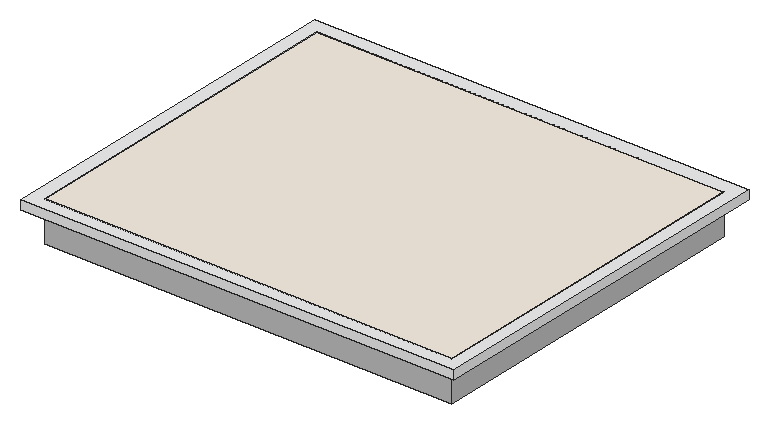
Revit family "Lighting-Industriale-GEWISS-ELIA-HL-LED_RIFLETTORE", category Apparecchi per illuminazione, host Superficie, Revit 2019 (continued)
Types (12, lengths in mm): name | Tensione | Scheda Tecnica | Potenza di sistema | Peso (kg): | Peso (kg) | Ottica | built-in parameter 1150142 | Lumen output (lm) | Modello | IDT | File diagramma fotometrico | Description
     7530.64 \r\n7322.77 7109.83 6898.58 6698.31 6504.81 6320.60 6143.15 \r\n5968.23 5795.85 5622.63 5451.09 5282.94 5119.01 4960.99 \r\n4808.89 4659.33 4513.99 4372.03 4232.60 4094.87 3959.67 \r\n3827.85 3699.41 3574.35 3452.67 3330.99 3211.00 3095.23 \r\n2981.16 2869.62 2761.46 2653.30 2550.21 2453.88 2361.77 \r\n2275.59 2193.62 2113.34 2036.45 1962.09 1891.11 1821.82 \r\n1755.06 1691.35 1629.24 1568.83 1510.01 1452.13 1395.69 \r\n1341.01 1288.20 1236.91 1187.56 1140.50 1095.29 1051.94 \r\n1010.03 968.88 929.75 894.18 860.89 829.11 798.44 767.77 \r\n738.11 710.14 683.44 657.58 632.57 607.89 583.98 560.32 \r\n538.26 518.83 501.42 486.89 472.27 453.93 435.17 418.87 \r\n402.90 385.49 368.76 354.82 341.80 328.20 315.02 302.51 \r\n290.26 277.50 264.99 252.91 242.35 235.92 230.01 221.47 \r\n212.35 204.83 196.38 183.96 170.86 159.50 148.38 136.70 \r\n124.56 111.76 98.47 84.50 70.78 58.21 46.68 36.33 27.25 \r\n19.49 13.18 8.57 5.38 3.41 2.74 \r\n12448.54 12446.85 12441.78 12435.02 12424.88 12411.36 \r\n12396.15 12380.09 12359.81 12337.00 12310.81 12282.07 \r\n12250.81 12216.16 12180.67 12142.65 12102.93 12062.37 \r\n12019.28 11974.49 11929.71 11881.54 11832.53 11779.30 \r\n11723.53 11666.91 11606.92 11545.23 11480.17 11410.88 \r\n11339.06 11265.54 11190.33 11112.59 11031.47 10949.51 \r\n10865.85 10781.35 10694.32 10607.28 10517.72 10425.61 \r\n10330.13 10232.10 10129.01 10021.70 9908.47 9788.48 \r\n9664.26 9534.13 9400.63 9264.58 9124.31 8978.97 8826.87 \r\n8667.16 8497.32 8317.33 8129.74 7936.24 7735.13 7530.64 \r\n7323.61 7109.83 6898.58 6697.47 6503.97 6318.91 6139.77 \r\n5964.01 5791.63 5617.56 5446.02 5277.02 5112.25 4955.08 \r\n4802.98 4654.26 4509.77 4368.65 4230.91 4093.18 3958.82 \r\n3827.85 3700.25 3575.19 3451.82 3329.30 3210.15 3091.85 \r\n2976.93 2864.55 2755.55 2646.54 2540.91 2443.74 2352.48 \r\n2266.29 2184.32 2104.05 2028.00 1954.48 1882.66 1814.21 \r\n1748.30 1684.34 1622.57 1562.15 1503.17 1445.03 1388.59 \r\n1334.51 1282.29 1231.67 1182.83 1135.93 1090.81 1047.63 \r\n1005.89 964.82 925.70 890.38 857.25 825.73 795.23 764.64 \r\n735.07 707.26 680.56 654.71 629.44 605.10 581.28 557.53 \r\n535.39 516.55 499.73 485.20 470.50 451.99 433.40 417.68 \r\n402.30 384.56 367.41 353.38 340.45 326.93 313.83 301.41 \r\n289.16 276.31 263.72 251.56 241.16 235.16 229.67 220.71 \r\n211.17 203.90 195.62 183.28 170.01 158.76 147.77 136.30 \r\n124.35 111.63 98.37 84.36 70.61 58.09 46.60 36.25 27.15 \r\n19.38 13.10 8.52 5.36 3.41 2.74 \r\n12448.54 12446.85 12441.78 12435.02 12424.88 12411.36 \r\n12397.84 12380.09 12359.81 12337.00 12311.65 12282.92 \r\n12250.81 12217.01 12181.52 12142.65 12102.93 12062.37 \r\n12019.28 11975.34 11929.71 11882.39 11832.53 11780.99 \r\n11725.22 11668.60 11608.61 11546.92 11482.70 11412.57 \r\n11341.59 11267.23 11192.02 11113.44 11032.32 10950.35 \r\n10867.54 10782.20 10696.01 10608.97 10519.41 10427.30 \r\n10331.81 10233.79 10130.70 10023.39 9911.00 9791.86 \r\n9666.80 9536.67 9403.16 9266.27 9126.00 8979.82 8827.72 \r\n8666.32 8496.47 8318.18 8130.59 7936.24 7735.97 7532.33 \r\n7324.46 7110.67 6898.58 6696.62 6502.27 6316.37 6135.55 \r\n5960.63 5787.40 5613.33 5440.95 5271.95 5106.33 4949.16 \r\n4797.06 4650.03 4506.38 4365.27 4227.53 4091.49 3957.98 \r\n3828.69 3700.25 3575.19 3450.98 3330.14 3208.46 3090.16 \r\n2972.71 2861.17 2750.47 2639.78 2533.31 2434.45 2343.18 \r\n2256.99 2175.03 2095.60 2020.39 1946.03 1875.05 1806.61 \r\n1741.54 1677.58 1616.15 1555.81 1496.66 1438.36 1381.83 \r\n1328.26 1276.71 1226.77 1178.44 1131.62 1086.59 1043.57 \r\n1002.09 960.93 921.98 886.83 854.04 822.52 792.10 761.68 \r\n732.11 704.48 677.94 651.92 626.74 602.32 578.74 554.91 \r\n532.86 514.44 498.04 483.51 468.72 450.30 431.63 416.58 \r\n401.71 383.63 365.97 352.03 339.18 325.83 312.65 300.40 \r\n288.06 275.22 262.71 250.46 240.06 234.57 229.33 220.04 \r\n210.07 202.88 194.94 182.52 169.34 158.13 147.26 135.98 \r\n124.21 111.57 98.34 84.30 70.50 58.01 46.58 36.20 27.06 \r\n19.30 13.02 8.47 5.35 3.41 2.73 \r\n12448.54 12446.85 12441.78 12435.02 12424.88 12412.20 \r\n12397.84 12380.09 12359.81 12337.84 12311.65 12282.92 \r\n12251.65 12217.01 12181.52 12142.65 12103.78 12062.37 \r\n12019.28 11975.34 11929.71 11883.23 11834.22 11781.83 \r\n11726.91 11670.29 11611.14 11549.46 11483.55 11414.26 \r\n11342.43 11268.92 11192.87 11114.28 11034.01 10952.04 \r\n10868.39 10783.04 10696.85 10610.66 10521.09 10428.99 \r\n10333.50 10235.48 10132.39 10025.08 9912.69 9794.39 \r\n9669.33 9538.36 9404.85 9267.96 9127.69 8980.66 8827.72 \r\n8665.47 8495.63 8317.33 8130.59 7936.24 7735.13 7532.33 \r\n7324.46 7110.67 6898.58 6695.78 6501.43 6314.68 6133.01 \r\n5958.09 5784.02 5609.11 5436.73 5266.88 5102.11 4944.94 \r\n4792.84 4645.81 4503.85 4362.73 4225.85 4090.64 3957.98 \r\n3828.69 3701.10 3576.04 3451.82 3329.30 3207.62 3087.63 \r\n2970.17 2856.95 2745.40 2633.86 2525.70 2426.84 2334.73 \r\n2248.55 2167.42 2088.84 2012.79 1939.27 1867.45 1799.85 \r\n1734.78 1671.49 1610.40 1549.90 1490.66 1432.19 1375.66 \r\n1322.51 1271.64 1222.21 1174.30 1127.74 1082.87 1040.03 \r\n998.54 957.55 918.51 883.62 851.00 819.73 789.40 758.98 \r\n729.49 701.94 675.49 649.47 624.20 599.87 576.37 552.63 \r\n530.58 512.58 496.61 482.16 467.20 448.69 430.10 415.57 \r\n401.12 382.87 364.79 350.76 338.08 324.73 311.64 299.47 \r\n287.22 274.29 261.61 249.44 239.22 233.98 229.16 219.45 \r\n209.05 202.04 194.27 182.01 168.75 157.63 146.85 135.73 \r\n124.13 111.57 98.37 84.29 70.45 57.99 46.57 36.17 26.98 \r\n19.22 12.95 8.43 5.34 3.41 2.73 \r\n12448.54 12446.85 12442.62 12435.02 12424.88 12412.20 \r\n12397.84 12380.94 12360.66 12337.84 12311.65 12282.92 \r\n12251.65 12217.01 12181.52 12142.65 12103.78 12061.53 \r\n12019.28 11975.34 11930.56 11883.23 11835.07 11782.68 \r\n11728.60 11671.14 11611.99 11550.31 11486.08 11416.79 \r\n11344.12 11269.76 11193.72 11115.13 11034.01 10952.89 \r\n10869.23 10784.73 10697.70 10610.66 10521.94 10428.99 \r\n10334.35 10235.48 10133.24 10026.77 9914.38 9795.24 \r\n9671.02 9540.05 9404.85 9268.81 9127.69 8980.66 8827.72 \r\n8664.63 8493.94 8315.64 8129.74 7936.24 7735.97 7532.33 \r\n7324.46 7110.67 6898.58 6695.78 6499.74 6312.99 6130.47 \r\n5954.72 5781.49 5606.57 5433.35 5262.66 5097.88 4940.72 \r\n4790.30 4643.27 4501.31 4361.05 4225.00 4089.80 3957.98 \r\n3829.54 3701.94 3576.04 3451.82 3328.45 3208.46 3086.78 \r\n2967.64 2853.56 2742.02 2628.80 2519.79 2420.08 2327.13 \r\n2242.63 2161.51 2082.08 2006.87 1932.51 1861.53 1793.93 \r\n1728.87 1666.26 1605.33 1544.83 1485.43 1426.78 1370.34 \r\n1317.61 1267.25 1218.24 1170.83 1124.36 1079.57 1036.90 \r\n995.66 954.68 915.73 880.91 848.46 817.28 786.95 756.70 \r\n727.29 699.83 673.46 647.35 622.00 597.84 574.43 550.69 \r\n528.72 511.06 495.42 480.89 465.93 447.26 428.75 414.73 \r\n400.78 382.19 363.77 349.75 337.15 323.89 310.96 298.54 \r\n286.45 273.53 260.77 248.60 238.37 233.56 229.00 219.02 \r\n208.38 201.36 193.84 181.51 168.31 157.25 146.57 135.59 \r\n124.11 111.62 98.45 84.33 70.45 58.00 46.60 36.16 26.94 \r\n19.16 12.90 8.40 5.33 3.41 2.73 \r\n12448.54 12446.85 12443.47 12435.02 12424.88 12413.05 \r\n12397.84 12380.94 12360.66 12337.00 12311.65 12282.92 \r\n12250.81 12217.01 12181.52 12142.65 12103.78 12061.53 \r\n12019.28 11975.34 11929.71 11884.08 11835.07 11782.68 \r\n11728.60 11672.83 11613.68 11551.15 11486.93 11417.64 \r\n11344.97 11270.61 11194.56 11115.13 11034.01 10952.89 \r\n10870.08 10783.89 10697.70 10611.51 10523.63 10430.68 \r\n10334.35 10236.33 10133.24 10026.77 9915.23 9796.93 \r\n9671.87 9540.05 9406.54 9269.65 9127.69 8980.66 8826.87 \r\n8664.63 8492.25 8314.80 8130.59 7934.55 7735.13 7532.33 \r\n7324.46 7109.83 6898.58 6695.78 6499.74 6312.15 6129.63 \r\n5953.87 5779.80 5604.04 5431.66 5260.97 5095.35 4938.18 \r\n4787.77 4640.74 4498.78 4360.20 4223.31 4089.80 3957.98 \r\n3829.54 3702.79 3577.73 3452.67 3329.30 3207.62 3085.94 \r\n2965.95 2851.03 2739.49 2624.57 2514.72 2415.01 2322.06 \r\n2237.56 2156.44 2077.01 2002.65 1928.29 1857.31 1789.71 \r\n1723.80 1662.11 1601.44 1540.94 1481.29 1422.47 1366.03 \r\n1313.64 1263.78 1215.28 1168.13 1121.82 1077.04 1034.45 \r\n993.38 952.31 913.44 878.80 846.52 815.42 785.17 754.92 \r\n725.52 698.14 671.94 645.75 620.23 596.23 572.91 549.25 \r\n527.28 509.87 494.49 479.96 464.92 446.16 427.74 414.05 \r\n400.36 381.60 363.01 348.98 336.48 323.30 310.28 297.95 \r\n285.78 272.77 260.09 247.92 237.78 233.22 229.00 218.69 \r\n207.70 200.94 193.50 181.17 168.02 157.02 146.40 135.52 \r\n124.15 111.71 98.56 84.42 70.49 58.05 46.66 36.17 26.90 \r\n19.11 12.86 8.38 5.33 3.41 2.73 \r\n" | "16900" | "GWF1001MH840" | "86e84a4c-b4b3-4c1c-8387-ae9e1c4006e9" | "GWF1001MH840.IES" | "ELIA HL M2 60° 4000K S.ALONE DALI"
